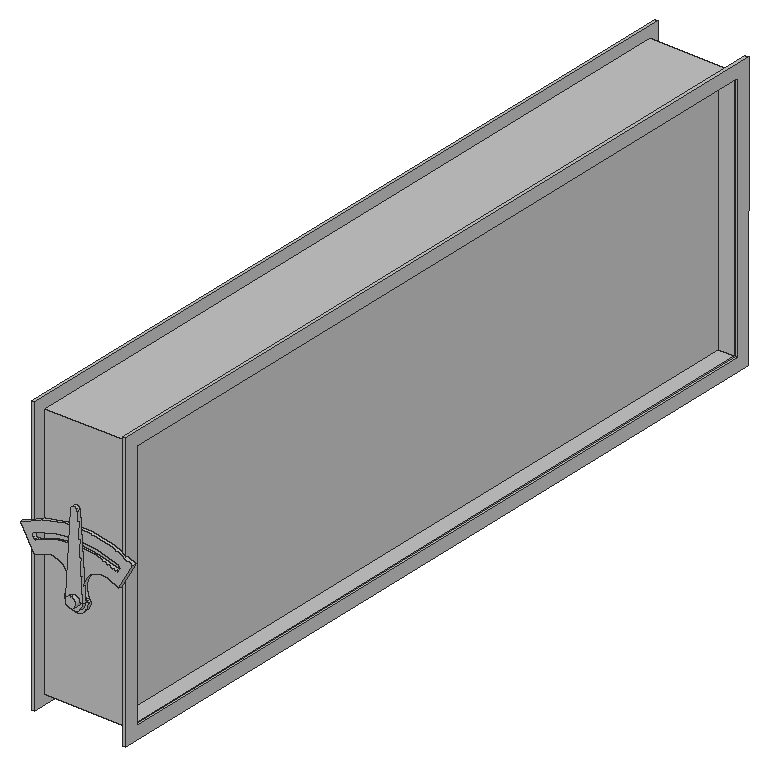
Revit family "Damper-Manual_Balancing-Carnes-Rectangular-FAEA", category Duct Accessories, Revit 2012
Parameters (values of type "User Defined Size")
  ecoScorecard_data = ""
  ecoScorecard Product Page = "http://ecoscorecard.com/"
  URL = "http://www.carnes.com/index.html"
  Subcategory = "Louvers and Dampers"
  Specifications  URL = "http://www.carnes.com/Louvers/pdf/17158.pdf"
  Product Page URL = "http://www.carnes.com/Louvers/FAEA.htm"
  Product Line = "Manual Balancing Dampers"
  Pressure Drop = 0.00 Pa
  Outside Width [instance] = Damper Width Control + (5/8" * 2)  # 37 1/4"
  Outside Height [instance] = Damper Height Control + (5/8" * 2)  # 13 1/4"
  Model = "FAEA"
  Maximum System Velocity = 2000 FPM
  Manufacturer Phone = "608-845-6411"
  Manufacturer Fax = "608-845-6470"
  Manufacturer Email = "mailto:carnes@carnes.com"
  Manufacturer Address = "448 S. Main St., P. O. Box 930040, Verona, WI 53593-0040"
  Manufacturer = "Carnes Company"
  Frame Material = Aluminum - Carnes - Extruded
  Description = "Manual Balancing Dampers"
  Damper Width Control [instance] = if(Damper Width < 12", 12", if(Damper Width > 36", 36", Damper Width))  # 36"
  Damper Width [instance] = 36"
  Damper Length = 4 1/2"  # constant formula
  Damper Height Control [instance] = if(Damper Height < 12", 12", if(Damper Height > 36", 36", Damper Height))  # 12"
  Damper Height [instance] = 12"
  Damper Air Flow = 0 CFM
  Cost Info = "mailto:carnes@carnes.com"
  Connector Description 2 = "Duct Connection 2"
  Connector Description 1 = "Duct Connection 1"
  Catalog URL = "http://www.carnes.com/Louvers/pdf/f81.pdf"
  Blade Width [instance] = Outside Width / 4  # 9 5/16"
  Blade Material = Aluminum - Carnes - Extruded
  Assembly Code = "D3090700"
  95 CSI = "10200"
  04 CSI = "08 91 00"
Reference planes (in)
  plane 1 "Center (Front/Back)": y = 0.25
  plane 2: z = 0
  plane 3 "Center (Left/Right)": x = 0
  plane 4 "Right": x = 2.25
  plane 5: y = 18.375
  plane 6: y = -17.875
  plane 7: z = 6.125
  plane 8: z = -6.125
  plane 9: z = 6.625
  plane 10: z = -6.625
  plane 11: y = 18.875
  plane 12 "Left": x = -2.25
  plane 13: y = -18.375
  plane 14: y = 18.25
  plane 15: y = -17.75
  plane 16: z = 6
  plane 17: z = -6
  plane 18: z = -1
Forms (in)
  Sweep 1, solid, material "Aluminum - Carnes - Extruded" <- "Frame Material"
    path origin (0, 0, 0) x (1, 0, 0) y (0, 1, 0)
      loop
        line (-2.1049, 0.25) -> (2.1049, 0.25)
    profile origin (0, 0.25, 0) x (0, 1, 0) y (0, 0, 1)
      loop
        line (18.125, 6.125) -> (-18.125, 6.125) -> (-18.125, -6.125) -> (18.125, -6.125) -> (18.125, 6.125)
      loop
        line (18, 6) -> (-18, 6) -> (-18, -6) -> (18, -6) -> (18, 6)
  Sweep 2, solid, material "Aluminum - Carnes - Extruded" <- "Frame Material", detail levels medium+fine
    path origin (0, 0, 0) x (0, 1, 0) y (0, 0, 1)
      loop
        line (18.375, 6.125) -> (-17.875, 6.125) -> (-17.875, -6.125) -> (18.375, -6.125) -> (18.375, 6.125)
    profile origin (0, 0.25, 6.125) x (0, 0, -1) y (1, 0, 0)
      loop
        line (0.125, 2.25) -> (-0.5, 2.25) -> (-0.5, 2.1049) -> (0.125, 2.1049) -> (0.125, 2.25)
      loop
        line (0.125, -2.25) -> (0.125, -2.1049) -> (-0.5, -2.1049) -> (-0.5, -2.25) -> (0.125, -2.25)
  Sweep 3, solid, material "Aluminum - Carnes - Extruded" <- "Frame Material"
    path origin (0, 0, 0) x (1, 0, 0) y (0, 1, 0)
      loop
        line (-1.29, 0.25) -> (1.29, 0.25)
    profile origin (0, 0.25, 0) x (0, 1, 0) y (0, 0, 1)
      loop
        line (18.125, 6) -> (-18.125, 6) -> (-18.125, -6) -> (18.125, -6) -> (18.125, 6)
  Sweep 4, solid, material "Aluminum - Carnes - Extruded" <- "Frame Material"
    path origin (0, -12.97549, -2.7802) x (0, 1, 0) y (0, 0, -1)
      loop
        line (-5.39951, -1.7802) -> (-5.54951, -1.7802)
    profile origin (0, -18.45, -1) x (0, 0, 1) y (-1, 0, 0)
      loop
        circle (0, 0) r 0.25001
      loop
        arc (0, -0.56574) -> (0.06898, -0.51707) -> (0.14083, -0.47275) r 1.36776
        arc (0.14083, -0.47275) -> (1.15008, -0.57231) -> (1.3833, -1.55928) r 0.87245
        arc (1.3833, -1.55928) -> (1.27858, -1.79418) -> (1.1594, -2.02208) r 4.11979
        line (1.1594, -2.02208) -> (2.36193, -2.69952)
        arc (2.36193, -2.69952) -> (3.07, 0) -> (2.36193, 2.69952) r 5.5
        line (2.36193, 2.69952) -> (1.1594, 2.02208)
        arc (1.1594, 2.02208) -> (1.27858, 1.79418) -> (1.3833, 1.55928) r 4.11979
        arc (1.3833, 1.55928) -> (1.15008, 0.57231) -> (0.14083, 0.47275) r 0.87245
        arc (0.14083, 0.47275) -> (0.06898, 0.51707) -> (0, 0.56574) r 1.36776
        arc (0, 0.56574) -> (-0.56574, 0) -> (0, -0.56574) r 0.56574
      loop
        arc (2.1499, -2.00612) -> (2.57, 0) -> (2.1499, 2.00612) r 5
        arc (2.1499, 2.00612) -> (1.95361, 2.0804) -> (1.87511, 1.88575) r 0.15003
        arc (1.87511, 1.88575) -> (2.27, 0) -> (1.87511, -1.88575) r 4.7
        arc (1.87511, -1.88575) -> (1.95361, -2.0804) -> (2.1499, -2.00612) r 0.15003
  Sweep 5, solid, material "Aluminum - Carnes - Extruded" <- "Frame Material"
    path origin (0, -12.97549, -2.7802) x (0, 1, 0) y (0, 0, -1)
      loop
        line (-5.54951, -1.7802) -> (-5.69951, -1.7802)
    profile origin (0, -18.6, -1) x (0, 0, 1) y (-1, 0, 0)
      loop
        arc (0.00104, 0.25) -> (-0.24896, -0.00001) -> (0.00104, -0.25001) r 0.25001
        arc (0.00104, -0.25001) -> (0.2507, -0.00001) -> (0.00104, 0.25) r 0.25001
      loop
        line (-0.01282, -0.42138) -> (3.8602, -0.15164)
        arc (3.8602, -0.15164) -> (4.01184, 0) -> (3.8602, 0.15164) r 0.15164
        line (3.8602, 0.15164) -> (-0.01282, 0.42138)
        arc (-0.01282, 0.42138) -> (-0.42157, 0) -> (-0.01282, -0.42138) r 0.42157
  Sweep 6, solid, material "Aluminum - Carnes - Extruded" <- "Frame Material"
    path origin (0, 0, 0) x (0, 1, 0) y (0, 0, 1)
      loop
        line (-18.375, -1) -> (-18.875, -1)
    profile origin (0, -18.625, -1) x (0, 0, -1) y (1, 0, 0)
      loop
        circle (0, 0) r 0.25001
Cuts and joins
  joined: Sweep 1, Sweep 3
Lines and regions (in)
  Masking region 1
    outline origin (0, 0, 0) x (1, 0, 0) y (0, 1, 0)
      loop
        line (-2.25, 18.875) -> (-2.25, -18.375) -> (2.25, -18.375) -> (2.25, 18.875) -> (-2.25, 18.875)
  symbolic lines, detail levels coarse+medium
    curve 1: line (0, 18.375, 0) -> (0, -17.875, 0)
  symbolic lines, detail levels medium
    curve 2: line (-2.25, 18.375, 0) -> (2.25, 18.375, 0)
    curve 3: line (-1.75, 18.875, 0) -> (1.75, 18.875, 0)
Dimensions and locks (in)
  equal spacing: plane 12 "Left", plane 3 "Center (Left/Right)", plane 4 "Right"
  "Damper Length": plane 12 "Left" to plane 4 "Right"
  locked: plane 7 to Sweep 2 sketch curve at 0.125  (x2)
  locked: plane 4 "Right" to Sweep 2 sketch curve at 0.1451
  locked: plane 12 "Left" to Sweep 2 sketch curve at 0.1451
  equal spacing: Sweep 3 sketch curve, plane 3 "Center (Left/Right)", Sweep 3 sketch curve
  locked: Sweep 3 sketch curve to plane 3 "Center (Left/Right)" at 1.29
  locked: plane 9 to Sweep 3 sketch curve at 0.625
  locked: plane 10 to Sweep 3 sketch curve at 0.625
  "Damper Width Control": plane 15 to plane 14
  "Damper Height Control": plane 16 to plane 17
  Sweep 1 sketch curve to plane 3 "Center (Left/Right)" to Sweep 1 sketch curve = 2.1049" locked, 2.1049" locked
  equal spacing: plane 14, plane 1 "Center (Front/Back)", plane 15
  equal spacing: plane 16, plane 2, plane 17
  locked: plane 7 to plane 16 at 0.125
  locked: plane 17 to plane 8 at 0.125
  equal spacing: plane 9, plane 2, plane 10
  "Outside Height": plane 9 to plane 10
  locked: plane 5 to plane 14 at 0.125
  locked: plane 15 to plane 6 at 0.125
  equal spacing: plane 13, plane 1 "Center (Front/Back)", plane 11
  "Outside Width": plane 13 to plane 11
  locked: plane 2 to plane 18 at 1
  locked: plane 13 to Sweep 4 sketch curve at 0.15
  locked: plane 18 to Sweep 4 sketch curve at 2.43
  Sweep 5 sketch curve to Sweep 5 sketch curve to plane 13 = 0.15" locked, 0.15" locked
  locked: Sweep 5 sketch curve to plane 18 at 3.8602
  locked: plane 13 to Sweep 6 sketch curve at 0.5
  radius of Sweep 4 sketch curve = 5"
  radius of Sweep 4 sketch curve = 4.7"
  aligned and locked: plane 1 "Center (Front/Back)" to Sweep 1 sketch curve
  aligned and locked: Sweep 1 sketch curve to plane 5
  aligned and locked: Sweep 1 sketch curve to plane 7
  aligned and locked: plane 6 to Sweep 1 sketch curve
  aligned and locked: plane 8 to Sweep 1 sketch curve
  aligned and locked: Sweep 2 sketch curve to plane 7
  aligned and locked: plane 5 to Sweep 2 sketch curve  (x2)
  aligned and locked: plane 6 to Sweep 2 sketch curve
  aligned and locked: plane 8 to Sweep 2 sketch curve
  aligned and locked: Sweep 2 sketch curve to plane 9
  aligned and locked: Sweep 2 sketch curve to plane 4 "Right"
  aligned and locked: plane 9 to Sweep 2 sketch curve
  aligned and locked: plane 12 "Left" to Sweep 2 sketch curve
  aligned and locked: Masking region 1 sketch curve to plane 11
  aligned and locked: Masking region 1 sketch curve to plane 12 "Left"
  aligned and locked: Masking region 1 sketch curve to plane 4 "Right"
  aligned and locked: Masking region 1 sketch curve to plane 13
  aligned and locked: plane 6 to curve 1
  aligned and locked: plane 5 to curve 1
  aligned and locked: curve 1 to plane 3 "Center (Left/Right)"
  aligned and locked: curve 2 to plane 12 "Left"
  aligned and locked: curve 3 to plane 11
  aligned and locked: Sweep 3 sketch curve to plane 5
  aligned and locked: plane 6 to Sweep 3 sketch curve
  aligned and locked: Sweep 4 sketch curve to plane 18
  aligned and locked: plane 13 to Sweep 4 sketch curve
  aligned and locked: plane 18 to Sweep 4 sketch curve
  aligned and locked: plane 3 "Center (Left/Right)" to Sweep 4 sketch curve  (x2)
  aligned and locked: Sweep 5 sketch curve to plane 18
  aligned and locked: plane 3 "Center (Left/Right)" to Sweep 5 sketch curve  (x2)
  aligned and locked: plane 18 to Sweep 5 sketch curve
  aligned and locked: Sweep 6 sketch curve to plane 18
  aligned and locked: plane 13 to Sweep 6 sketch curve
  aligned and locked: plane 3 "Center (Left/Right)" to Sweep 6 sketch curve
  aligned and locked: plane 18 to Sweep 6 sketch curve
Automatic sketch dimensions
  curve 2 to plane 4 "Right" = 0"
  plane 1 "Center (Front/Back)" to Sweep 3 sketch curve = 0"
  curve 3 to plane 12 "Left" = 1/2"
  curve 3 to plane 4 "Right" = 1/2"
  Sweep 1 sketch curve to Sweep 1 sketch curve = 1/8"  (x4)
  profile plane to Sweep 5 sketch curve = 0.01282"  (x2)
  Sweep 5 sketch curve to profile plane = 0"
  Sweep 5 sketch curve to profile plane = 0.00069"
  Sweep 5 sketch curve to profile plane = 0.00104"
  profile plane to Sweep 5 sketch curve = 0.15164"
  Sweep 5 sketch curve to Sweep 5 sketch curve = 1/4"
  Sweep 5 sketch curve to Sweep 5 sketch curve = 0.17136"
  Sweep 4 sketch curve to Sweep 4 sketch curve = 0"  (x12)
  Sweep 4 sketch curve to profile plane = 0"  (x2)
  Sweep 4 sketch curve to profile plane = 0.14083"  (x2)
  Sweep 4 sketch curve to profile plane = 0.57575"
  Sweep 4 sketch curve to Sweep 4 sketch curve = 0.24691"  (x2)
  Sweep 4 sketch curve to Sweep 4 sketch curve = 0.33674"  (x2)
  Sweep 4 sketch curve to Sweep 4 sketch curve = 0.2239"  (x2)
  Sweep 4 sketch curve to Sweep 4 sketch curve = 0.4918"  (x2)
  Sweep 4 sketch curve to Sweep 4 sketch curve = 0.1387"
  Sweep 4 sketch curve to Sweep 4 sketch curve = 0.1361"  (x2)
  Sweep 4 sketch curve to Sweep 4 sketch curve = 0.21203"  (x2)
  Sweep 4 sketch curve to Sweep 4 sketch curve = 1/4"
  Sweep 4 sketch curve to Sweep 4 sketch curve = 0.22274"
  Sweep 4 sketch curve to Sweep 4 sketch curve = 0.32647"
  Sweep 4 sketch curve to Sweep 4 sketch curve = 0.05722"
  Sweep 4 sketch curve to Sweep 4 sketch curve = 0.6934"
  radius of Sweep 6 sketch curve = 1/4"
Connectors (in)
  hvac at (-2.1049, 0.25, 0), driven by "Damper Width Control", driven by "Damper Height Control", driven by "Pressure Drop", driven by "Damper Air Flow", driven by "Connector Description 1"
    settings: on Sweep 1, index 1, duct flow 0 CFM, flow factor 0, pres drop 0.00 Pa, loss coef 0, conn angle 0.00°, conn width 36", conn height 12", conn radius 12", duct sys type 29, conn prof type 1, flow config 0, flow direction 0, loss method 4, conn ref index -1, conn util no, is conn primary yes, conn desc "Duct Connection 1"
  hvac at (2.1049, 0.25, 0), driven by "Damper Height Control", driven by "Damper Width Control", driven by "Pressure Drop", driven by "Damper Air Flow", driven by "Connector Description 2"
    settings: on Sweep 1, index 2, duct flow 0 CFM, flow factor 0, pres drop 0.00 Pa, loss coef 0, conn angle 0.00°, conn width 36", conn height 12", conn radius 12", duct sys type 29, conn prof type 1, flow config 0, flow direction 0, loss method 4, conn ref index -1, conn util no, is conn primary no, conn desc "Duct Connection 2"
